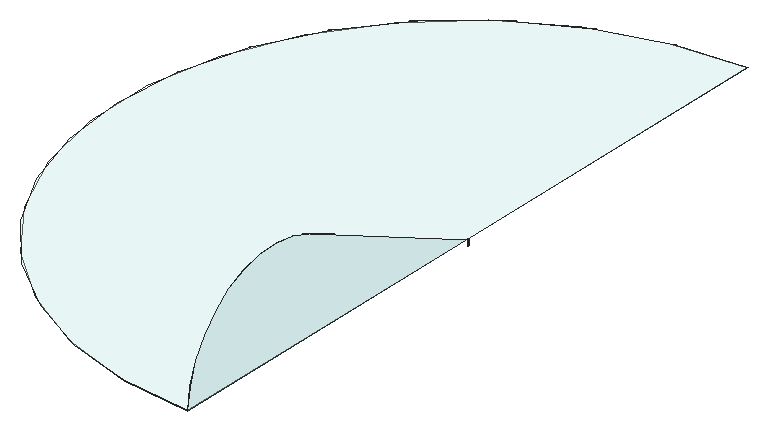
Revit family "Rotor Falvon 6504 Series - 6504FCSSNP", category Acessórios do tubo, Revit 2020
Family settings
  Cota do conector redondo = Utilizar diâmetro
  Tipo de parte = Normal
  Número OmniClass = 23.60.30.11.14
  Título OmniClass = Pipework Fittings
  Com base no plano de trabalho = Não
  Sempre na vertical = Sim
  Corte com vazios quando carregada = Não
  Compartilhado = Não
Parameters (values of type "Nozzle 18")
  Water = Water
  URL = "https://www.rainbird.com/"
  TABLE 90 = "TABLE 90psi"
  TABLE 80 = "TABLE 80psi"
  TABLE 70 = "TABLE 70psi"
  TABLE 60 = "TABLE 60psi"
  TABLE 50 = "TABLE 50psi"
  TABLE 40 = "TABLE 40psi"
  TABLE 30 = "TABLE 30psi"
  SupportProjetos: Reviw Date = ""  # constant formula
  SupportProjetos: Reviw = "R00"  # constant formula
  SupportProjetos: Level of Detail = "LOD 300"  # constant formula
  SupportProjetos: Developed = "MICHEL SOARES MOTA"  # constant formula
  SupportProjetos: Creation Date = "07/08/2020"  # constant formula
  Side inlet = no
  Rotation Water Visibility [instance] = Pop up on  # yes
  Rotation Angle [instance] = 180.00°
  RainBird: Product Link = "https://www.rainbird.com/"
  RainBird: Description = "FALCON 6504-FC-SS-NP Rotor "  # constant formula
  RainBird: Comment [instance] = ""
  RainBird: Code = "B65531NP"  # constant formula
  Radius [instance] = if(and(Pressure = 30.0 psi, Instance < 3 ft), size_lookup(TABLE 30, "Radius", 0 ft, Instance), if(and(Pressure = 40.0 psi, Instance < 9 ft), size_lookup(TABLE 40, "Radius", 0 ft, Instance), if(and(Pressure = 50.0 psi, Instance < 9 ft), size_lookup(TABLE 50, "Radius", 0 ft, Instance), if(and(Pressure = 60.0 psi, Instance < 9 ft), size_lookup(TABLE 60, "Radius", 0 ft, Instance), if(and(Pressure = 70.0 psi, Instance < 9 ft), size_lookup(TABLE 70, "Radius", 0 ft, Instance), if(and(Pressure = 80.0 psi, Instance < 9 ft), size_lookup(TABLE 80, "Radius", 0 ft, Instance), if(and(Pressure = 90.0 psi, Instance > 7 ft), size_lookup(TABLE 90, "Radius", 600 ft, Instance), 0 ft)))))))  # 63 ft
  RT = 0.009893 ft
  RN = 0.032808 ft
  R5 = 0.03937 ft
  R4 = 0.04101 ft
  R3 = 0.065617 ft
  R2 = 0.075407 ft
  R1 = 0.032808 ft
  Pressure [instance] = 60.0 psi
  Pop up height = 0.334646 ft
  Pop up on [instance] = yes
  Modelo = "6504-FCSSNP"  # constant formula
  Instance = 8 ft
  H1 = Body height / 3  # 0.236333 ft
  Flow [instance] = if(and(Pressure = 30.0 psi, Instance < 3 ft), size_lookup(TABLE 30, "Flow", 0.0 GPM, Instance), if(and(Pressure = 40.0 psi, Instance < 9 ft), size_lookup(TABLE 40, "Flow", 0.0 GPM, Instance), if(and(Pressure = 50.0 psi, Instance < 9 ft), size_lookup(TABLE 50, "Flow", 0.0 GPM, Instance), if(and(Pressure = 60.0 psi, Instance < 9 ft), size_lookup(TABLE 60, "Flow", 0.0 GPM, Instance), if(and(Pressure = 70.0 psi, Instance < 9 ft), size_lookup(TABLE 70, "Flow", 0.0 GPM, Instance), if(and(Pressure = 80.0 psi, Instance < 9 ft), size_lookup(TABLE 80, "Flow", 0.0 GPM, Instance), if(and(Pressure = 90.0 psi, Instance > 7 ft), size_lookup(TABLE 90, "Flow", 0.0 GPM, Instance), 0.0 GPM)))))))  # 17.1 GPM
  Fabricante = "Rain Bird"
  Elevação padrão = 0 ft
  Description = RainBird: Description  # "FALCON 6504-FC-SS-NP Rotor "
  DD13 = 0.002625 ft
  DD12 = 0.003937 ft
  DD11 = 0.009897 ft
  DD10 = 0.016404 ft
  DD8 [instance] = if(Pop up on, Pop up height, 0 ft)  # 0.334646 ft
  DD7 = 0.019685 ft
  DD6 [instance] = 0.016404 ft
  DD5 = 0.065617 ft
  DD4 = 0.032808 ft
  DD3 = 0.091048 ft
  DD2 [instance] = 0.024514 ft
  DD9 [instance] = if(Pop up on, Pop up height + 0.049541 ft, 0 ft)  # 0.384186 ft
  DD1 = 0.006562 ft
  Conection = 0.062664 ft  # constant formula
  Body height = 0.709 ft  # constant formula
  Blue = Blue Plastic
  Black Plastic = Black Plastic
  Angle = 25.00°
Types (9, lengths in ft): name | Radius | Pressure | Instance | Flow
  (no name) | 63 | 60.0 psi | 8 | 17.1 GPM
  Nozzle 4 | 43 | 80.0 psi | 1 | 4.6 GPM
  Nozzle 6 | 49 | 80.0 psi | 2 | 4.9 GPM
  Nozzle 8 | 53 | 80.0 psi | 3 | 9.4 GPM
  Nozzle 10 | 55 | 80.0 psi | 4 | 11.6 GPM
  Nozzle 12 | 61 | 80.0 psi | 5 | 14.0 GPM
  Tipo 14 | 61 | 80.0 psi | 6 | 16.2 GPM
  Nozzle 16 | 63 | 80.0 psi | 7 | 18.1 GPM
  Nozzle 18 | 63 | 60.0 psi | 8 | 17.1 GPM
Reference planes (ft)
  plane 1 "Centro (Frente/Trás)": y = 0
  plane 2: z = 0
  plane 3 "Centro (Esquerda/Direita)": x = 0
  plane 4: z = 0.003937
  plane 5: z = 0.002625
  plane 6: y = -0.065617
Forms (ft)
  Revolve 1, solid, material "Black Plastic" <- "Black Plastic"
    sketch origin (0, 0, 0) x (1, 0, 0) y (0, 0, 1)
      loop
        line (0.075407, -0.091048) -> (0.075407, -0.035324)
        arc (0.075407, -0.035324) -> (0.072509, -0.028329) -> (0.065514, -0.025431) r 0.009893
        line (0.065514, -0.025431) -> (0.046098, -0.025431) -> (0.046098, 0) -> (0.03937, 0) -> (0.03937, -0.334646) -> (0.019685, -0.334646) -> (0.019685, -0.702438) -> (0.032808, -0.702438) -> (0.032808, -0.709) -> (0.04101, -0.709) -> (0.04101, -0.702438) -> (0.055724, -0.702438)
        arc (0.055724, -0.702438) -> (0.062719, -0.699541) -> (0.065617, -0.692545) r 0.009893
        line (0.065617, -0.692545) -> (0.065617, -0.091048) -> (0.075407, -0.091048)
      axis (0, -0.709) -> (0, 0)
    angle from 0 to 360
  Extrusion 2, solid, material "Black Plastic" <- "Black Plastic"
    sketch origin (0, 0, 0) x (1, 0, 0) y (0, 1, 0)
      loop
        circle (0, 0) r 0.032808
    from -0.334646 to 0.334646
  Extrusion 3, void
    sketch origin (0, 0, 0) x (1, 0, 0) y (0, 1, 0)
      loop
        circle (0, 0) r 0.022844
    from -0.334646 to 0.334646
  Revolve 4, solid, material "Black Plastic" <- "Black Plastic"
    sketch origin (0, 0, 0) x (1, 0, 0) y (0, 0, 1)
      loop
        line (0, 0.334646) -> (0.037004, 0.334646) -> (0.037004, 0.344543)
        arc (0.037004, 0.344543) -> (0.01879, 0.349436) -> (0, 0.35105) r 0.10685
        line (0, 0.35105) -> (0, 0.334646)
      axis (0, 0.334646) -> (0, 0.35105)
    angle from 0 to 360
  Extrusion 5, solid, material "Blue Plastic" <- "Blue"
    sketch origin (0, 0, 0) x (1, 0, 0) y (0, 0, 1)
      loop
        circle (0, 0.310131) r 0.009129
      loop
        circle (0, 0.310131) r 0.004793
    from 0 to 0.034386
  Extrusion 6, void
    sketch origin (0, 0, 0) x (1, 0, 0) y (0, 0, 1)
      loop
        line (-0.02074, 0.328055) -> (-0.02074, 0.282426) -> (0.020672, 0.282426) -> (0.020672, 0.328055) -> (-0.02074, 0.328055)
      loop
        line (-0.018439, 0.325179) -> (-0.018439, 0.285685) -> (0.018179, 0.285685) -> (0.018179, 0.325179) -> (-0.018439, 0.325179)
    from 0.024556 to 0.06931
  Extrusion 7, solid, material "Black Plastic" <- "Black Plastic"
    sketch origin (0, 0, 0) x (1, 0, 0) y (0, 0, 1)
      loop
        line (0.046098, 0) -> (0.046098, -0.036876) -> (0.073493, -0.036876) -> (0.046098, 0)
    from -0.002998 to 0.002998
  Extrusion 8, solid, material "Black Plastic" <- "Black Plastic"
    sketch origin (0, 0, 0) x (-1, 0, 0) y (0, 0, -1)
      loop
        line (0.046098, 0) -> (0.073493, 0.036876) -> (0.046098, 0.036876) -> (0.046098, 0)
    from -0.002998 to 0.002998
  Extrusion 9, solid, material "Black Plastic" <- "Black Plastic"
    sketch origin (0, 0, 0) x (0.866025, 0.5, 0) y (0, 0, 1)
      loop
        line (0.046098, 0) -> (0.046098, -0.036876) -> (0.073493, -0.036876) -> (0.046098, 0)
    from -0.002998 to 0.002998
  Extrusion 10, solid, material "Black Plastic" <- "Black Plastic"
    sketch origin (0, 0, 0) x (-0.866025, -0.5, 0) y (0, 0, -1)
      loop
        line (0.046098, 0) -> (0.073493, 0.036876) -> (0.046098, 0.036876) -> (0.046098, 0)
    from -0.002998 to 0.002998
  Extrusion 11, solid, material "Black Plastic" <- "Black Plastic"
    sketch origin (0, 0, 0) x (0, 1, 0) y (0, 0, 1)
      loop
        line (0.046098, 0) -> (0.046098, -0.036876) -> (0.073493, -0.036876) -> (0.046098, 0)
    from -0.002998 to 0.002998
  Extrusion 12, solid, material "Black Plastic" <- "Black Plastic"
    sketch origin (0, 0, 0) x (0, -1, 0) y (0, 0, -1)
      loop
        line (0.046098, 0) -> (0.073493, 0.036876) -> (0.046098, 0.036876) -> (0.046098, 0)
    from -0.002998 to 0.002998
  Extrusion 13, solid, material "Black Plastic" <- "Black Plastic"
    sketch origin (0, 0, 0) x (0.5, 0.866025, 0) y (0, 0, 1)
      loop
        line (0.046098, 0) -> (0.046098, -0.036876) -> (0.073493, -0.036876) -> (0.046098, 0)
    from -0.002998 to 0.002998
  Extrusion 14, solid, material "Black Plastic" <- "Black Plastic"
    sketch origin (0, 0, 0) x (-0.5, -0.866025, 0) y (0, 0, -1)
      loop
        line (0.046098, 0) -> (0.073493, 0.036876) -> (0.046098, 0.036876) -> (0.046098, 0)
    from -0.002998 to 0.002998
  Extrusion 15, solid, material "Black Plastic" <- "Black Plastic"
    sketch origin (0, 0, 0) x (-0.5, 0.866025, 0) y (0, 0, 1)
      loop
        line (0.046098, 0) -> (0.046098, -0.036876) -> (0.073493, -0.036876) -> (0.046098, 0)
    from -0.002998 to 0.002998
  Extrusion 16, solid, material "Black Plastic" <- "Black Plastic"
    sketch origin (0, 0, 0) x (0.5, -0.866025, 0) y (0, 0, -1)
      loop
        line (0.046098, 0) -> (0.073493, 0.036876) -> (0.046098, 0.036876) -> (0.046098, 0)
    from -0.002998 to 0.002998
  Extrusion 17, solid, material "Black Plastic" <- "Black Plastic"
    sketch origin (0, 0, 0) x (-0.866025, 0.5, 0) y (0, 0, 1)
      loop
        line (0.046098, 0) -> (0.046098, -0.036876) -> (0.073493, -0.036876) -> (0.046098, 0)
    from -0.002998 to 0.002998
  Extrusion 18, solid, material "Black Plastic" <- "Black Plastic"
    sketch origin (0, 0, 0) x (0.866025, -0.5, 0) y (0, 0, -1)
      loop
        line (0.046098, 0) -> (0.073493, 0.036876) -> (0.046098, 0.036876) -> (0.046098, 0)
    from -0.002998 to 0.002998
  Extrusion 19, void
    sketch origin (0, 0, 0) x (1, 0, 0) y (0, 1, 0)
      loop
        line (-0.002998, 0.077702) -> (-0.002998, 0.071655) -> (0.002998, 0.071655) -> (0.002998, 0.077702) -> (-0.002998, 0.077702)
    from -0.091048 to 0.82021
  Extrusion 20, void
    sketch origin (0, 0, 0) x (1, 0, 0) y (0, 1, 0)
      loop
        line (0.002998, -0.077702) -> (0.002998, -0.071655) -> (-0.002998, -0.071655) -> (-0.002998, -0.077702) -> (0.002998, -0.077702)
    from -0.091048 to 0.82021
  Extrusion 21, void
    sketch origin (0, 0, 0) x (0.965926, 0.258819, 0) y (-0.258819, 0.965926, 0)
      loop
        line (-0.002998, 0.077702) -> (-0.002998, 0.071655) -> (0.002998, 0.071655) -> (0.002998, 0.077702) -> (-0.002998, 0.077702)
    from -0.091048 to 0.82021
  Extrusion 22, void
    sketch origin (0, 0, 0) x (0.965926, 0.258819, 0) y (-0.258819, 0.965926, 0)
      loop
        line (0.002998, -0.077702) -> (0.002998, -0.071655) -> (-0.002998, -0.071655) -> (-0.002998, -0.077702) -> (0.002998, -0.077702)
    from -0.091048 to 0.82021
  Extrusion 23, void
    sketch origin (0, 0, 0) x (0.866025, 0.5, 0) y (-0.5, 0.866025, 0)
      loop
        line (-0.002998, 0.077702) -> (-0.002998, 0.071655) -> (0.002998, 0.071655) -> (0.002998, 0.077702) -> (-0.002998, 0.077702)
    from -0.091048 to 0.82021
  Extrusion 24, void
    sketch origin (0, 0, 0) x (0.866025, 0.5, 0) y (-0.5, 0.866025, 0)
      loop
        line (0.002998, -0.077702) -> (0.002998, -0.071655) -> (-0.002998, -0.071655) -> (-0.002998, -0.077702) -> (0.002998, -0.077702)
    from -0.091048 to 0.82021
  Extrusion 25, void
    sketch origin (0, 0, 0) x (0.5, 0.866025, 0) y (-0.866025, 0.5, 0)
      loop
        line (-0.002998, 0.077702) -> (-0.002998, 0.071655) -> (0.002998, 0.071655) -> (0.002998, 0.077702) -> (-0.002998, 0.077702)
    from -0.091048 to 0.82021
  Extrusion 26, void
    sketch origin (0, 0, 0) x (0.5, 0.866025, 0) y (-0.866025, 0.5, 0)
      loop
        line (0.002998, -0.077702) -> (0.002998, -0.071655) -> (-0.002998, -0.071655) -> (-0.002998, -0.077702) -> (0.002998, -0.077702)
    from -0.091048 to 0.82021
  Extrusion 27, void
    sketch origin (0, 0, 0) x (0.707107, 0.707107, 0) y (-0.707107, 0.707107, 0)
      loop
        line (-0.002998, 0.077702) -> (-0.002998, 0.071655) -> (0.002998, 0.071655) -> (0.002998, 0.077702) -> (-0.002998, 0.077702)
    from -0.091048 to 0.82021
  Extrusion 28, void
    sketch origin (0, 0, 0) x (0.707107, 0.707107, 0) y (-0.707107, 0.707107, 0)
      loop
        line (0.002998, -0.077702) -> (0.002998, -0.071655) -> (-0.002998, -0.071655) -> (-0.002998, -0.077702) -> (0.002998, -0.077702)
    from -0.091048 to 0.82021
  Extrusion 29, void
    sketch origin (0, 0, 0) x (0.258819, 0.965926, 0) y (-0.965926, 0.258819, 0)
      loop
        line (-0.002998, 0.077702) -> (-0.002998, 0.071655) -> (0.002998, 0.071655) -> (0.002998, 0.077702) -> (-0.002998, 0.077702)
    from -0.091048 to 0.82021
  Extrusion 30, void
    sketch origin (0, 0, 0) x (0.258819, 0.965926, 0) y (-0.965926, 0.258819, 0)
      loop
        line (0.002998, -0.077702) -> (0.002998, -0.071655) -> (-0.002998, -0.071655) -> (-0.002998, -0.077702) -> (0.002998, -0.077702)
    from -0.091048 to 0.82021
  Extrusion 31, void
    sketch origin (0, 0, 0) x (0, 1, 0) y (-1, 0, 0)
      loop
        line (-0.002998, 0.077702) -> (-0.002998, 0.071655) -> (0.002998, 0.071655) -> (0.002998, 0.077702) -> (-0.002998, 0.077702)
    from -0.091048 to 0.82021
  Extrusion 32, void
    sketch origin (0, 0, 0) x (0, 1, 0) y (-1, 0, 0)
      loop
        line (0.002998, -0.077702) -> (0.002998, -0.071655) -> (-0.002998, -0.071655) -> (-0.002998, -0.077702) -> (0.002998, -0.077702)
    from -0.091048 to 0.82021
  Extrusion 33, void
    sketch origin (0, 0, 0) x (-0.258819, 0.965926, 0) y (-0.965926, -0.258819, 0)
      loop
        line (-0.002998, 0.077702) -> (-0.002998, 0.071655) -> (0.002998, 0.071655) -> (0.002998, 0.077702) -> (-0.002998, 0.077702)
    from -0.091048 to 0.82021
  Extrusion 34, void
    sketch origin (0, 0, 0) x (-0.258819, 0.965926, 0) y (-0.965926, -0.258819, 0)
      loop
        line (0.002998, -0.077702) -> (0.002998, -0.071655) -> (-0.002998, -0.071655) -> (-0.002998, -0.077702) -> (0.002998, -0.077702)
    from -0.091048 to 0.82021
  Extrusion 35, void
    sketch origin (0, 0, 0) x (-0.5, 0.866025, 0) y (-0.866025, -0.5, 0)
      loop
        line (-0.002998, 0.077702) -> (-0.002998, 0.071655) -> (0.002998, 0.071655) -> (0.002998, 0.077702) -> (-0.002998, 0.077702)
    from -0.091048 to 0.82021
  Extrusion 36, void
    sketch origin (0, 0, 0) x (-0.5, 0.866025, 0) y (-0.866025, -0.5, 0)
      loop
        line (0.002998, -0.077702) -> (0.002998, -0.071655) -> (-0.002998, -0.071655) -> (-0.002998, -0.077702) -> (0.002998, -0.077702)
    from -0.091048 to 0.82021
  Extrusion 37, void
    sketch origin (0, 0, 0) x (-0.707107, 0.707107, 0) y (-0.707107, -0.707107, 0)
      loop
        line (-0.002998, 0.077702) -> (-0.002998, 0.071655) -> (0.002998, 0.071655) -> (0.002998, 0.077702) -> (-0.002998, 0.077702)
    from -0.091048 to 0.82021
  Extrusion 38, void
    sketch origin (0, 0, 0) x (-0.707107, 0.707107, 0) y (-0.707107, -0.707107, 0)
      loop
        line (0.002998, -0.077702) -> (0.002998, -0.071655) -> (-0.002998, -0.071655) -> (-0.002998, -0.077702) -> (0.002998, -0.077702)
    from -0.091048 to 0.82021
  Extrusion 39, void
    sketch origin (0, 0, 0) x (-0.866025, 0.5, 0) y (-0.5, -0.866025, 0)
      loop
        line (-0.002998, 0.077702) -> (-0.002998, 0.071655) -> (0.002998, 0.071655) -> (0.002998, 0.077702) -> (-0.002998, 0.077702)
    from -0.091048 to 0.82021
  Extrusion 40, void
    sketch origin (0, 0, 0) x (-0.866025, 0.5, 0) y (-0.5, -0.866025, 0)
      loop
        line (0.002998, -0.077702) -> (0.002998, -0.071655) -> (-0.002998, -0.071655) -> (-0.002998, -0.077702) -> (0.002998, -0.077702)
    from -0.091048 to 0.82021
  Extrusion 41, void
    sketch origin (0, 0, 0) x (-0.965926, 0.258819, 0) y (-0.258819, -0.965926, 0)
      loop
        line (-0.002998, 0.077702) -> (-0.002998, 0.071655) -> (0.002998, 0.071655) -> (0.002998, 0.077702) -> (-0.002998, 0.077702)
    from -0.091048 to 0.82021
  Extrusion 42, void
    sketch origin (0, 0, 0) x (-0.965926, 0.258819, 0) y (-0.258819, -0.965926, 0)
      loop
        line (0.002998, -0.077702) -> (0.002998, -0.071655) -> (-0.002998, -0.071655) -> (-0.002998, -0.077702) -> (0.002998, -0.077702)
    from -0.091048 to 0.82021
  Extrusion 43, solid, material "Water" <- "Water", visible <- "Rotation Water Visibility"
    sketch origin (0, 0, 0) x (0, 1, 0) y (0, 0, 1)
      loop
        line (-0.032808, 0.310131) -> (-35.615202, 16.902474)
        arc (-35.615202, 16.902474) -> (-53.751991, 15.923219) -> (-63.032808, 0.310131) r 19.287003
        line (-63.032808, 0.310131) -> (-0.032808, 0.310131)
    from -0.008202 to 0.008202
Cuts and joins
  Extrusion 3, Extrusion 6 cuts Extrusion 2
  Extrusion 19, Extrusion 20, Extrusion 21, Extrusion 22, Extrusion 23, Extrusion 24, Extrusion 25, Extrusion 26, Extrusion 27, Extrusion 28, Extrusion 29, Extrusion 30, Extrusion 31, Extrusion 32, Extrusion 33, Extrusion 34, Extrusion 35, Extrusion 36, Extrusion 37, Extrusion 38, Extrusion 39, Extrusion 40, Extrusion 41, Extrusion 42 cuts Revolve 1
Dimensions and locks (ft)
  "Body height": level to Revolve 1 sketch curve
  "R2": Revolve 1 sketch curve to plane 3 "Centro (Esquerda/Direita)"
  "DD1": Revolve 1 sketch curve to Revolve 1 sketch curve
  "DD3": level to Revolve 1 sketch curve
  Revolve 1 sketch curve to plane 3 "Centro (Esquerda/Direita)" = 0.065617 ft
  "R4": Revolve 1 sketch curve to plane 3 "Centro (Esquerda/Direita)"
  "RN": Revolve 1 sketch curve to plane 3 "Centro (Esquerda/Direita)"
  "Pop up height": level to Revolve 1 sketch curve
  "R5": plane 3 "Centro (Esquerda/Direita)" to Revolve 1 sketch curve
  "DD7": Revolve 1 sketch curve to plane 3 "Centro (Esquerda/Direita)"
  "DD8": Extrusion 2 to level
  "DD12": plane 4 to level
  "DD13": plane 5 to level
  "R3": plane 6 to plane 1 "Centro (Frente/Trás)"
  "DD5": Revolve 1 sketch curve to Revolve 1 sketch curve
  "DD10": Revolve 4 sketch curve to Revolve 4 sketch curve
  "DD11": Revolve 4 sketch curve to Revolve 4 sketch curve
  "DD2": Revolve 4 to Extrusion 5 sketch curve  (x2)
  Extrusion 7 to plane 3 "Centro (Esquerda/Direita)" = 0.046098 ft
  equal spacing: Extrusion 7, plane 1 "Centro (Frente/Trás)", Extrusion 7
  Extrusion 8 to Extrusion 8 = 0.005995 ft
  Extrusion 9 to Extrusion 9 = 0.005995 ft
  Extrusion 20 sketch curve to Extrusion 20 sketch curve = 0.005995 ft
  Extrusion 22 sketch curve to Extrusion 22 sketch curve = 0.005995 ft
  Extrusion 24 sketch curve to Extrusion 24 sketch curve = 0.005995 ft
  Extrusion 26 sketch curve to Extrusion 26 sketch curve = 0.005995 ft
  Extrusion 28 sketch curve to Extrusion 28 sketch curve = 0.005995 ft
  Extrusion 30 sketch curve to Extrusion 30 sketch curve = 0.005995 ft
  Extrusion 32 sketch curve to Extrusion 32 sketch curve = 0.005995 ft
  Extrusion 34 sketch curve to Extrusion 34 sketch curve = 0.005995 ft
  Extrusion 36 sketch curve to Extrusion 36 sketch curve = 0.005995 ft
  Extrusion 38 sketch curve to Extrusion 38 sketch curve = 0.005995 ft
  Extrusion 40 sketch curve to Extrusion 40 sketch curve = 0.005995 ft
  Extrusion 42 sketch curve to Extrusion 42 sketch curve = 0.005995 ft
  "DD4": plane 1 "Centro (Frente/Trás)" to Extrusion 43 sketch curve
  "DD2": Revolve 4 to Extrusion 43 sketch curve
  "Radius": Extrusion 43 sketch curve to Extrusion 43 sketch curve
  equal spacing: Extrusion 43, plane 3 "Centro (Esquerda/Direita)", Extrusion 43
  "DD6": Extrusion 43 to Extrusion 43
  "DD2": Revolve 4 to nested 1
  "RT": radius of Revolve 1 sketch curve  (x2)
  "R1": radius of Extrusion 2 sketch curve
  "Angle": angle Extrusion 43 sketch curve to Extrusion 43 sketch curve
  aligned and locked: level to plane 2
  aligned and locked: Revolve 1 sketch curve to Revolve 1 sketch curve
  aligned and locked: Extrusion 2 to Revolve 1
  aligned and locked: cut or joined group of Extrusion 2, Extrusion 3, Extrusion 6 to cut or joined group of Extrusion 2, Extrusion 3, Extrusion 6  (x2)
  aligned and locked: Revolve 4 sketch curve to cut or joined group of Extrusion 2, Extrusion 3, Extrusion 6
  aligned and locked: Extrusion 20 to Revolve 1
  aligned and locked: Extrusion 22 to Revolve 1
  aligned and locked: Extrusion 24 to Revolve 1
  aligned and locked: Extrusion 28 to Revolve 1
  aligned and locked: Extrusion 26 to Revolve 1
  aligned and locked: Extrusion 30 to Revolve 1
  aligned and locked: Extrusion 32 to Revolve 1
  aligned and locked: Extrusion 34 to Revolve 1
  aligned and locked: Revolve 1 to Extrusion 36
  aligned and locked: Revolve 1 to Extrusion 38
  aligned and locked: Extrusion 41 to Revolve 1
  aligned and locked: Extrusion 39 to Revolve 1
  aligned and locked: Extrusion 37 to Revolve 1
  aligned and locked: Extrusion 35 to Revolve 1
  aligned and locked: Extrusion 33 to Revolve 1
  aligned and locked: Extrusion 31 to Revolve 1
  aligned and locked: Extrusion 29 to Revolve 1
  aligned and locked: Revolve 1 to Extrusion 25
  aligned and locked: Revolve 1 to Extrusion 27
  aligned and locked: Revolve 1 to Extrusion 19
  aligned and locked: Revolve 1 to Extrusion 21
  aligned and locked: Revolve 1 to Extrusion 42
  aligned and locked: Revolve 1 to Extrusion 40
  aligned and locked: Revolve 1 to Extrusion 23
Automatic sketch dimensions
  plane 1 "Centro (Frente/Trás)" to Extrusion 2 sketch curve = 0 ft
  Extrusion 2 sketch curve to plane 3 "Centro (Esquerda/Direita)" = 0 ft
  plane 1 "Centro (Frente/Trás)" to Extrusion 3 sketch curve = 0 ft
  Extrusion 3 sketch curve to plane 3 "Centro (Esquerda/Direita)" = 0 ft
  Revolve 4 sketch curve to plane 3 "Centro (Esquerda/Direita)" = 0 ft  (x2)
  plane 3 "Centro (Esquerda/Direita)" to Revolve 4 sketch curve = 0.000284 ft
  plane 3 "Centro (Esquerda/Direita)" to Revolve 4 sketch curve = 0.037004 ft
  Revolve 4 sketch curve to Revolve 4 sketch curve = 0.015719 ft
  Revolve 4 sketch curve to Revolve 4 sketch curve = 0.114829 ft
  Extrusion 5 sketch curve to Extrusion 5 sketch curve = 0 ft
  Extrusion 5 sketch curve to plane 3 "Centro (Esquerda/Direita)" = 0 ft
  Extrusion 6 sketch curve to plane 3 "Centro (Esquerda/Direita)" = 0.02074 ft
  Extrusion 6 sketch curve to Extrusion 6 sketch curve = 0.002301 ft
  plane 3 "Centro (Esquerda/Direita)" to Extrusion 6 sketch curve = 0.018179 ft
  Extrusion 6 sketch curve to Extrusion 6 sketch curve = 0.002492 ft
  plane 4 to Extrusion 6 sketch curve = 0.278489 ft
  Extrusion 6 sketch curve to Extrusion 6 sketch curve = 0.003259 ft
  Extrusion 6 sketch curve to Extrusion 6 sketch curve = 0.039494 ft
  Extrusion 6 sketch curve to Extrusion 6 sketch curve = 0.002876 ft
  Extrusion 7 sketch curve to level = 0 ft
  plane 3 "Centro (Esquerda/Direita)" to Extrusion 7 sketch curve = 0.046098 ft
  Extrusion 7 sketch curve to Extrusion 7 sketch curve = 0.027396 ft
  Extrusion 7 sketch curve to Extrusion 7 sketch curve = 0.036876 ft
  Extrusion 8 sketch curve to level = 0 ft
  plane 3 "Centro (Esquerda/Direita)" to Extrusion 8 sketch curve = 0.046098 ft
  Extrusion 8 sketch curve to Extrusion 8 sketch curve = 0.027396 ft
  Extrusion 8 sketch curve to Extrusion 8 sketch curve = 0.036876 ft
  Extrusion 9 sketch curve to level = 0 ft
  Extrusion 9 sketch curve to level = 0.036876 ft
  Extrusion 9 sketch curve to Extrusion 9 sketch curve = 0.027396 ft
  Extrusion 10 sketch curve to level = 0 ft
  Extrusion 10 sketch curve to level = 0.036876 ft
  Extrusion 10 sketch curve to Extrusion 10 sketch curve = 0.027396 ft
  Extrusion 11 sketch curve to level = 0 ft
  Extrusion 11 sketch curve to plane 1 "Centro (Frente/Trás)" = 0.046098 ft
  Extrusion 11 sketch curve to Extrusion 11 sketch curve = 0.027396 ft
  Extrusion 11 sketch curve to Extrusion 11 sketch curve = 0.036876 ft
  Extrusion 12 sketch curve to level = 0 ft
  plane 6 to Extrusion 12 sketch curve = 0.019519 ft
  Extrusion 12 sketch curve to plane 6 = 0.007877 ft
  Extrusion 12 sketch curve to level = 0.036876 ft
  Extrusion 13 sketch curve to level = 0 ft
  Extrusion 13 sketch curve to level = 0.036876 ft
  Extrusion 13 sketch curve to Extrusion 13 sketch curve = 0.027396 ft
  Extrusion 14 sketch curve to level = 0 ft
  Extrusion 14 sketch curve to level = 0.036876 ft
  Extrusion 14 sketch curve to Extrusion 14 sketch curve = 0.027396 ft
  level to Extrusion 15 sketch curve = 0 ft
  Extrusion 15 sketch curve to level = 0.036876 ft
  Extrusion 15 sketch curve to Extrusion 15 sketch curve = 0.027396 ft
  level to Extrusion 16 sketch curve = 0 ft
  Extrusion 16 sketch curve to level = 0.036876 ft
  Extrusion 16 sketch curve to Extrusion 16 sketch curve = 0.027396 ft
  level to Extrusion 17 sketch curve = 0 ft
  Extrusion 17 sketch curve to level = 0.036876 ft
  Extrusion 17 sketch curve to Extrusion 17 sketch curve = 0.027396 ft
  level to Extrusion 18 sketch curve = 0 ft
  Extrusion 18 sketch curve to level = 0.036876 ft
  Extrusion 18 sketch curve to Extrusion 18 sketch curve = 0.027396 ft
  Extrusion 19 sketch curve to plane 3 "Centro (Esquerda/Direita)" = 0.002998 ft
  Extrusion 19 sketch curve to plane 1 "Centro (Frente/Trás)" = 0.071655 ft
  Extrusion 19 sketch curve to Extrusion 19 sketch curve = 0.006047 ft
  plane 3 "Centro (Esquerda/Direita)" to Extrusion 20 sketch curve = 0.002998 ft
  plane 6 to Extrusion 20 sketch curve = 0.006038 ft
  Extrusion 20 sketch curve to Extrusion 20 sketch curve = 0.006047 ft
  plane 3 "Centro (Esquerda/Direita)" to Extrusion 19 sketch curve = 0.002998 ft
  Extrusion 21 sketch curve to plane 3 "Centro (Esquerda/Direita)" = 0.021441 ft
  Extrusion 21 sketch curve to plane 1 "Centro (Frente/Trás)" = 0.068438 ft
  Extrusion 21 sketch curve to Extrusion 21 sketch curve = 0.005995 ft
  Extrusion 21 sketch curve to Extrusion 21 sketch curve = 0.006047 ft
  Extrusion 22 sketch curve to plane 6 = 0.010213 ft
  plane 3 "Centro (Esquerda/Direita)" to Extrusion 22 sketch curve = 0.017215 ft
  Extrusion 22 sketch curve to Extrusion 22 sketch curve = 0.006047 ft
  Extrusion 23 sketch curve to plane 3 "Centro (Esquerda/Direita)" = 0.038424 ft
  Extrusion 23 sketch curve to plane 1 "Centro (Frente/Trás)" = 0.060556 ft
  Extrusion 23 sketch curve to Extrusion 23 sketch curve = 0.005995 ft
  Extrusion 23 sketch curve to Extrusion 23 sketch curve = 0.006047 ft
  Extrusion 24 sketch curve to plane 6 = 0.003174 ft
  plane 3 "Centro (Esquerda/Direita)" to Extrusion 24 sketch curve = 0.036255 ft
  Extrusion 24 sketch curve to Extrusion 24 sketch curve = 0.006047 ft
  Extrusion 25 sketch curve to plane 1 "Centro (Frente/Trás)" = 0.033231 ft
  Extrusion 25 sketch curve to plane 3 "Centro (Esquerda/Direita)" = 0.063554 ft
  Extrusion 25 sketch curve to Extrusion 25 sketch curve = 0.005995 ft
  Extrusion 25 sketch curve to Extrusion 25 sketch curve = 0.006047 ft
  Extrusion 26 sketch curve to plane 6 = 0.02417 ft
  Extrusion 26 sketch curve to plane 3 "Centro (Esquerda/Direita)" = 0.065793 ft
  Extrusion 26 sketch curve to Extrusion 26 sketch curve = 0.006047 ft
  Extrusion 27 sketch curve to plane 1 "Centro (Frente/Trás)" = 0.048548 ft
  Extrusion 27 sketch curve to plane 3 "Centro (Esquerda/Direita)" = 0.052787 ft
  Extrusion 27 sketch curve to Extrusion 27 sketch curve = 0.005995 ft
  Extrusion 27 sketch curve to Extrusion 27 sketch curve = 0.006047 ft
  plane 6 to Extrusion 28 sketch curve = 0.008554 ft
  plane 3 "Centro (Esquerda/Direita)" to Extrusion 28 sketch curve = 0.052824 ft
  Extrusion 28 sketch curve to Extrusion 28 sketch curve = 0.006047 ft
  Extrusion 29 sketch curve to plane 1 "Centro (Frente/Trás)" = 0.01565 ft
  Extrusion 29 sketch curve to plane 3 "Centro (Esquerda/Direita)" = 0.069989 ft
  Extrusion 29 sketch curve to Extrusion 29 sketch curve = 0.005995 ft
  Extrusion 29 sketch curve to Extrusion 29 sketch curve = 0.006047 ft
  plane 1 "Centro (Frente/Trás)" to Extrusion 30 sketch curve = 0.023006 ft
  plane 3 "Centro (Esquerda/Direita)" to Extrusion 30 sketch curve = 0.074278 ft
  Extrusion 30 sketch curve to Extrusion 30 sketch curve = 0.006047 ft
  plane 1 "Centro (Frente/Trás)" to Extrusion 31 sketch curve = 0.002998 ft
  Extrusion 31 sketch curve to plane 1 "Centro (Frente/Trás)" = 0.002998 ft
  Extrusion 31 sketch curve to plane 3 "Centro (Esquerda/Direita)" = 0.071655 ft
  Extrusion 31 sketch curve to Extrusion 31 sketch curve = 0.006047 ft
  plane 1 "Centro (Frente/Trás)" to Extrusion 32 sketch curve = 0.002998 ft
  plane 3 "Centro (Esquerda/Direita)" to Extrusion 32 sketch curve = 0.077702 ft
  Extrusion 32 sketch curve to Extrusion 32 sketch curve = 0.006047 ft
  plane 1 "Centro (Frente/Trás)" to Extrusion 33 sketch curve = 0.021441 ft
  Extrusion 33 sketch curve to plane 3 "Centro (Esquerda/Direita)" = 0.068438 ft
  Extrusion 33 sketch curve to Extrusion 33 sketch curve = 0.005995 ft
  Extrusion 33 sketch curve to Extrusion 33 sketch curve = 0.006047 ft
  Extrusion 34 sketch curve to plane 1 "Centro (Frente/Trás)" = 0.017215 ft
  plane 3 "Centro (Esquerda/Direita)" to Extrusion 34 sketch curve = 0.07583 ft
  Extrusion 34 sketch curve to Extrusion 34 sketch curve = 0.006047 ft
  plane 6 to Extrusion 35 sketch curve = 0.027193 ft
  Extrusion 35 sketch curve to plane 3 "Centro (Esquerda/Direita)" = 0.060556 ft
  Extrusion 35 sketch curve to Extrusion 35 sketch curve = 0.005995 ft
  Extrusion 35 sketch curve to Extrusion 35 sketch curve = 0.006047 ft
  Extrusion 36 sketch curve to plane 1 "Centro (Frente/Trás)" = 0.036255 ft
  plane 3 "Centro (Esquerda/Direita)" to Extrusion 36 sketch curve = 0.068791 ft
  Extrusion 36 sketch curve to Extrusion 36 sketch curve = 0.006047 ft
  plane 6 to Extrusion 37 sketch curve = 0.012829 ft
  Extrusion 37 sketch curve to plane 3 "Centro (Esquerda/Direita)" = 0.048548 ft
  Extrusion 37 sketch curve to Extrusion 37 sketch curve = 0.005995 ft
  Extrusion 37 sketch curve to Extrusion 37 sketch curve = 0.006047 ft
  Extrusion 38 sketch curve to plane 1 "Centro (Frente/Trás)" = 0.052824 ft
  plane 3 "Centro (Esquerda/Direita)" to Extrusion 38 sketch curve = 0.057063 ft
  Extrusion 38 sketch curve to Extrusion 38 sketch curve = 0.006047 ft
  plane 6 to Extrusion 39 sketch curve = 0.002063 ft
  Extrusion 39 sketch curve to plane 3 "Centro (Esquerda/Direita)" = 0.033231 ft
  Extrusion 39 sketch curve to Extrusion 39 sketch curve = 0.005995 ft
  Extrusion 39 sketch curve to Extrusion 39 sketch curve = 0.006047 ft
  plane 3 "Centro (Esquerda/Direita)" to Extrusion 40 sketch curve = 0.041447 ft
  Extrusion 40 sketch curve to plane 1 "Centro (Frente/Trás)" = 0.065793 ft
  Extrusion 40 sketch curve to Extrusion 40 sketch curve = 0.006047 ft
  Extrusion 41 sketch curve to plane 6 = 0.004372 ft
  Extrusion 41 sketch curve to plane 3 "Centro (Esquerda/Direita)" = 0.01565 ft
  Extrusion 41 sketch curve to Extrusion 41 sketch curve = 0.005995 ft
  Extrusion 41 sketch curve to Extrusion 41 sketch curve = 0.006047 ft
  plane 3 "Centro (Esquerda/Direita)" to Extrusion 42 sketch curve = 0.023006 ft
  Extrusion 42 sketch curve to plane 1 "Centro (Frente/Trás)" = 0.074278 ft
  Extrusion 42 sketch curve to Extrusion 42 sketch curve = 0.006047 ft
  Revolve 1 sketch curve to plane 3 "Centro (Esquerda/Direita)" = 0 ft
  Revolve 1 sketch curve to level = 0 ft
  Revolve 1 sketch curve to Revolve 1 sketch curve = 0.019416 ft
  plane 4 to Revolve 1 sketch curve = 0.079347 ft
  Revolve 1 sketch curve to Revolve 1 sketch curve = 0.918635 ft
  Extrusion 43 sketch curve to level = 0.577487 ft
  radius of Extrusion 3 sketch curve = 0.022844 ft
  radius of Extrusion 5 sketch curve = 0.009129 ft
  radius of Extrusion 5 sketch curve = 0.004793 ft
Nested families (ft)
  nested 1: "Water" at (-0.000026, 0, 0.190873) x (0, -1, 0) z (0, 0, 1), DT9 <- "DD4", Radius <- "Radius", visible <- "Rotation Water Visibility", Rotation Angle <- "Rotation Angle", type "Water"
    with Rotation Angle 180.00°, Radius 63 ft, DT9 0.032808 ft, DT8 0 ft, DT7 252 ft, DT4 315 ft, Angle 2 180.00°
Connectors (ft)
  piping at (0, 0, -0.709), diameter 2
    settings: on cut or joined group of Revolve 1, Extrusion 19, Extrusion 20, Extrusion 21, Extrusion 22, Extrusion 23, Extrusion 24, Extrusion 25, Extrusion 26, Extrusion 27, Extrusion 28, Extrusion 29, Extrusion 30, Extrusion 31, Extrusion 32, Extrusion 33, Extrusion 34, Extrusion 35, Extrusion 36, Extrusion 37, Extrusion 38, Extrusion 39, Extrusion 40, Extrusion 41, Extrusion 42, index 1, connector inside diameter 609.6 mm, connector length 0 ft, flow factor 0, pipe flow 0.0 GPM, pressure drop 0.0 psi, fitting loss kfactor 0, connector angle 0.00°, fixture units 0, engagement length 0 ft, angle of deflection 0.00°, flow configuration 0, flow direction 0, fitting loss method 0, system type 28, joint type 0, gender type 0, connector reference index -1, connector utility 0, adjustable connector no, is connector primary yes, connector description ""
Definition of nested family "Water"
  Parameters (values of type "Water")
    Water Visibility (Circle) = yes
    Water = none
    URL = ""
    SupportProjetos: Reviw Date = ""  # constant formula
    SupportProjetos: Level of Detail = "LOD 300"  # constant formula
    SupportProjetos: Developed = "MICHEL SOARES MOTA"  # constant formula
    SupportProjetos: Creation Date = "16/07/2020"  # constant formula
    Rotation Angle [instance] = 90.00°
    Reviw = "R00"  # constant formula
    Radius [instance] = 14 ft
    Model = ""
    Default Elevation = 4 ft
    Description = ""
    DT9 [instance] = 0.032808 ft
    DT8 [instance] = if(Rotation Angle = 360.00°, 10 ft, 0 ft)  # 0 ft
    DT7 [instance] = 4 * Radius  # 56 ft
    DT4 [instance] = 5 * Radius  # 70 ft
    DT2 = 0.098425 ft  # constant formula
    DT6 = 0 ft
    Angle 2 [instance] = if(Rotation Angle = 360.00°, 180.00°, 360.00° - Rotation Angle)  # 270.00°
  Reference planes (ft)
    plane 1 "Centro (Frente/Trás)": y = 0
    plane 2: z = 0
    plane 3 "Centro (Esquerda/Direita)": x = 0
  Forms (ft)
    Revolve 1, solid, material <- "Water", visible <- "Water Visibility (Circle)"
      sketch origin (0, 0, 0) x (1, 0, 0) y (0, 0, 1)
        loop
          line (0.032808, 0.098425) -> (14.032808, 0.098425) -> (14.032808, 0.119259) -> (0.032808, 0.119259) -> (0.032808, 0.098425)
        axis (0, 0.098425) -> (0, 0.119259)
      angle from 0 to 360
    Extrusion 2, void
      sketch origin (0, 0, 0) x (1, 0, 0) y (0, 1, 0)
        loop
          line (0, 0) -> (70, 0) -> (70, 56)
          arc (70, 56) -> (-70.459018, 51.588344) -> (0, -70) r 81.847109
          line (0, -70) -> (0, 0)
      from 0 to 15.189231
  Cuts and joins
    Extrusion 2 cuts Revolve 1
  Dimensions and locks (ft)
    "DT2": Revolve 1 sketch curve to level
    "DT4": Extrusion 2 sketch curve to Extrusion 2 sketch curve  (x2)
    "DT6": Extrusion 2 sketch curve to plane 3 "Centro (Esquerda/Direita)"
    "DT7": Extrusion 2 sketch curve to Extrusion 2 sketch curve
    "DT8": cut or joined group of Revolve 1, Extrusion 2 to level
    "Radius": Revolve 1 sketch curve to Revolve 1 sketch curve
    "DT9": Revolve 1 sketch curve to plane 3 "Centro (Esquerda/Direita)"
    "Angle 2": angle Extrusion 2 sketch curve to Extrusion 2 sketch curve
    aligned and locked: level to plane 2
    aligned and locked: plane 1 "Centro (Frente/Trás)" to Extrusion 2 sketch curve
  Automatic sketch dimensions
    plane 3 "Centro (Esquerda/Direita)" to Extrusion 2 sketch curve = 1.088227 ft
    Revolve 1 sketch curve to plane 3 "Centro (Esquerda/Direita)" = 0 ft
    Revolve 1 sketch curve to Revolve 1 sketch curve = 0.020833 ft
    Revolve 1 sketch curve to Revolve 1 sketch curve = 0.032113 ft
    Revolve 1 sketch curve to Revolve 1 sketch curve = 10.2693 ft
